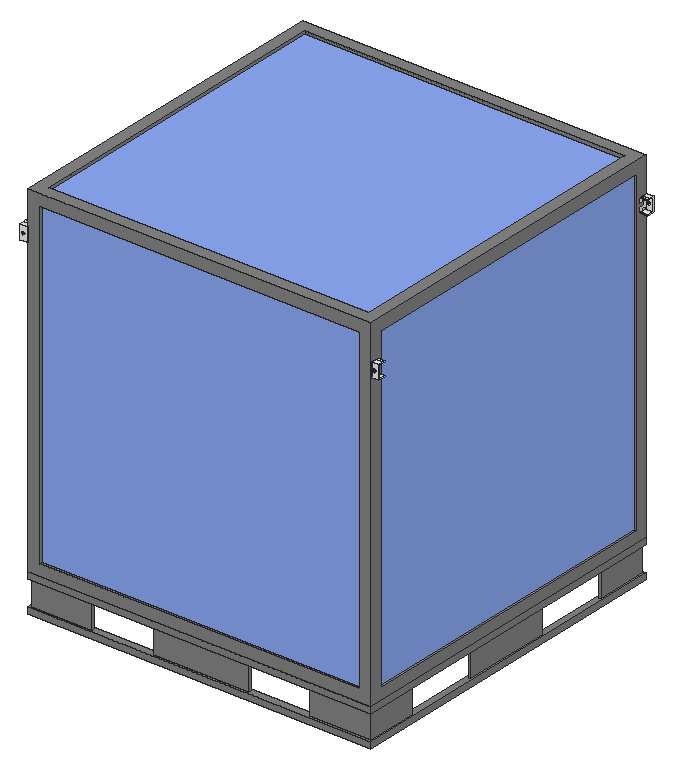
Revit family "15.1 Промежуточная угловая секция ANR Z4", category Оборудование, Revit 2016
Family settings
  Тип детали = Нормальный
  Размер круглого соединителя = Использовать диаметр
  На основе рабочей плоскости = Нет
  Всегда вертикально = Да
  При загрузке вырезать с полостями = Нет
  Общий = Нет
  Точка расчета площади = Нет
Parameters (values of type "ANR 6 Z4")
  Ширина = А - 75 mm  # 1025 mm
  Синий = Синий
  Середина = h + Б1 / 2  # 670 mm
  Д2 = Д - 75 mm  # 1025 mm
  Д1 = Д - 20 mm  # 1080 mm
  Д = 1100 mm
  ножки(да/нет) [instance] = no
  Высота = Б - 75 mm  # 1025 mm
  Б1 = Б - 20 mm  # 1080 mm
  А1 = А - 20 mm  # 1080 mm
  А = 1100 mm
  высота ножек = 120 mm
  Б = 1100 mm
  Частотный преобразователь [instance] = no
  Частота вращения n, об/мин = ""
  Тип, марка, обозначение = "ANR 6 Z4"
  Сила тока J, А = ""
  Регулятор расхода [instance] = no
  Раздел = "ОВ"
  Примечание = ""
  Позиция = ""
  Напряжение U,В = ""
  Наименование и тех.хар-ка = "Секция забора воздуха угловая"  # constant formula
  Мощность двигателя N,Вт = ""
  Материал = Сталь серая
  Масса единицы = ""
  Код, оборудования = ""
  Ключевая пометка = "Вентиляция"
  Задание электрикам [instance] = no
  Задание автоматчикам [instance] = no
  Завод изготовитель = "NED"  # constant formula
  Единица измерения = "шт."  # constant formula
  h = высота ножек + 10 mm  # 130 mm
Types (6, lengths in mm): name | Ширина | Середина | Д2 | Д1 | Д | Высота | Б1 | А1 | А | Б | Тип, марка, обозначение
  ANR 6 Z4 | 1025 | 670 | 1025 | 1080 | 1100 | 1025 | 1080 | 1080 | 1100 | 1100 | "ANR 6 Z4"
  ANR 7 Z4 | 1025 | 780 | 1025 | 1080 | 1100 | 1245 | 1300 | 1080 | 1100 | 1320 | "ANR 7 Z4"
  ANR 8 Z4 | 1245 | 780 | 1245 | 1300 | 1320 | 1245 | 1300 | 1300 | 1320 | 1320 | "ANR 8 Z4"
  ANR 12 Z4 | 1360 | 837.5 | 1360 | 1415 | 1435 | 1360 | 1415 | 1415 | 1435 | 1435 | "ANR 12 Z4"
  ANR 20 Z4 | 1585 | 950 | 1585 | 1640 | 1660 | 1585 | 1640 | 1640 | 1660 | 1660 | "ANR 20 Z4"
  ANR 25 Z4 | 1970 | 1142.5 | 1970 | 2025 | 2045 | 1970 | 2025 | 2025 | 2045 | 2045 | "ANR 25 Z4"
Reference planes
  plane 1 "По центру (Вперед/Назад)": y = 0
  plane 2: z = 0
  plane 3 "По центру (Влево/Вправо)": x = 0
  plane 4: x = -540
  plane 5: x = 540
  plane 6: y = 540
  plane 7: y = -540
  plane 8: z = 1210
  plane 9: z = 130
  plane 10: y = -340
  plane 11: z = 670
  plane 12: z = 1110
  plane 13: x = 590
  plane 14: y = -199.163
  plane 15: y = 340
  plane 16: y = 199.163
  plane 17: y = -142.691
  plane 18: y = 142.691
  plane 19: y = -512.5
  plane 20: x = -512.5
Forms (mm)
  Extrusion 1, solid, material "Синий" <- "Синий", detail levels fine
    sketch origin (0, 0, 50) x (1, 0, 0) y (0, 1, 0)
      loop
        line (-540, 540) -> (-540, -540) -> (540, -540) -> (540, 540) -> (-540, 540)
    from 80 to 1160
  Sweep 2, solid, material "Сталь серая" <- "Материал", detail levels fine
    path origin (540, -540, 50) x (-1, 0, 0) y (0, 0, -1)
      loop
        line (0, -1160) -> (1080, -1160) -> (1080, -80) -> (0, -80) -> (0, -1160)
    profile "Профиль уголок 10х10 : Профиль уголок 10х10" origin (0, -540, 1210) x (0, 0, -1) y (0, -1, 0)
      loop
        line (0, -27.5) -> (0, 0) -> (27.5, 0) -> (27.5, 10) -> (-10, 10) -> (-10, -27.5) -> (0, -27.5)
  Sweep 3, solid, material "Сталь серая" <- "Материал", detail levels fine
    path origin (-540, 540, 50) x (1, 0, 0) y (0, 0, -1)
      loop
        line (0, -1160) -> (1080, -1160) -> (1080, -80) -> (0, -80) -> (0, -1160)
    profile "Профиль уголок 10х10 : Профиль уголок 10х10" origin (0, 540, 1210) x (0, 0, -1) y (0, 1, 0)
      loop
        line (0, -27.5) -> (0, 0) -> (27.5, 0) -> (27.5, 10) -> (-10, 10) -> (-10, -27.5) -> (0, -27.5)
  Sweep 4, solid, material "Сталь серая" <- "Материал", detail levels fine
    path origin (540, 540, 50) x (0, -1, 0) y (0, 0, -1)
      loop
        line (0, -1160) -> (1080, -1160) -> (1080, -80) -> (0, -80) -> (0, -1160)
    profile "Профиль уголок 10х10 : Профиль уголок 10х10" origin (540, 0, 1210) x (0, 0, -1) y (1, 0, 0)
      loop
        line (0, -27.5) -> (0, 0) -> (27.5, 0) -> (27.5, 10) -> (-10, 10) -> (-10, -27.5) -> (0, -27.5)
  Sweep 5, solid, material "Сталь серая" <- "Материал", detail levels fine
    path origin (-540, -540, 50) x (0, 1, 0) y (0, 0, -1)
      loop
        line (0, -1160) -> (1080, -1160) -> (1080, -80) -> (0, -80) -> (0, -1160)
    profile "Профиль уголок 10х10 : Профиль уголок 10х10" origin (-540, 0, 1210) x (0, 0, -1) y (-1, 0, 0)
      loop
        line (0, -27.5) -> (0, 0) -> (27.5, 0) -> (27.5, 10) -> (-10, 10) -> (-10, -27.5) -> (0, -27.5)
  Extrusion 6, void, not visible
    sketch origin (-345, -245, 50) x (0, -1, 0) y (0, 0, -1)
      loop
        line (-477.965, -475) -> (-477.965, -450) -> (-528.913, -450) -> (-528.913, -475) -> (-477.965, -475)
    from -47.452 to 12
  Sweep 7, solid, material "Сталь серая" <- "Материал", detail levels fine
    path origin (0, 0, 0) x (1, 0, 0) y (0, 1, 0)
      loop
        line (-540, 540) -> (-540, -540) -> (540, -540) -> (540, 540) -> (-540, 540)
    profile "Семейство1 : Семейство1" origin (0, 540, 0) x (0, 1, 0) y (0, 0, 1)
      loop
        line (-10, 120) -> (-10, 100) -> (-3.38, 100) -> (-3.38, 20) -> (-10, 20) -> (-10, 0) -> (10, 0) -> (10, 20) -> (3.38, 20) -> (3.38, 100) -> (10, 100) -> (10, 120) -> (-10, 120)
  Extrusion 8, void
    sketch origin (0, 0, 0) x (1, 0, 0) y (0, 0, 1)
      loop
        line (152.369, 100) -> (152.369, 20) -> (348.798, 20) -> (348.798, 100) -> (152.369, 100)
      loop
        line (-152.369, 100) -> (-348.798, 100) -> (-348.798, 20) -> (-152.369, 20) -> (-152.369, 100)
    from -550 to 550
  Extrusion 9, void
    sketch origin (0, -269.582, 0) x (0, 1, 0) y (0, 0, 1)
      loop
        line (-110.418, 100) -> (-110.418, 20) -> (126.89, 20) -> (126.89, 100) -> (-110.418, 100)
    from -1700.55 to 1700
  Extrusion 10, void
    sketch origin (0, 269.582, 0) x (0, -1, 0) y (0, 0, -1)
      loop
        line (-110.418, -100) -> (126.89, -100) -> (126.89, -20) -> (-110.418, -20) -> (-110.418, -100)
    from -1700.55 to 1700
Cuts and joins
  joined: Sweep 2, Sweep 3, Sweep 4, Sweep 5
  Extrusion 8, Extrusion 9, Extrusion 10 cuts Sweep 7
Lines and regions (mm)
  model lines, detail levels coarse
    curve 1: line (-550, 550, 0) -> (550, 550, 0)
    curve 2: line (-550, -550, 0) -> (-550, 550, 0)
    curve 3: line (550, -550, 0) -> (-550, -550, 0)
    curve 4: line (550, 550, 0) -> (550, -550, 0)
  model lines, detail levels medium
    curve 5: line (0, 540, 1210) -> (0, -540, 1210)
    curve 6: line (0, 540, 130) -> (0, 540, 1210)
    curve 7: line (0, -540, 130) -> (0, 540, 130)
    curve 8: line (0, -540, 1210) -> (0, -540, 130)
Dimensions and locks
  equal spacing: plane 6, plane 1 "По центру (Вперед/Назад)", plane 7
  "Д1": plane 6 to plane 7
  equal spacing: plane 4, plane 3 "По центру (Влево/Вправо)", plane 5
  "А1": plane 4 to plane 5
  "h": plane 9 to level
  "Б1": plane 8 to plane 9
  cut or joined group of Sweep 2, Sweep 3, Sweep 4, Sweep 5 to level = 120 mm
  locked: plane 3 "По центру (Влево/Вправо)" to cut or joined group of Sweep 7, Extrusion 8, Extrusion 9, Extrusion 10 at 152.369
  locked: cut or joined group of Sweep 7, Extrusion 8, Extrusion 9, Extrusion 10 to plane 3 "По центру (Влево/Вправо)" at 152.369
  "Середина": plane 11 to level
  locked: plane 8 to plane 12 at 100
  locked: plane 13 to plane 5 at 50
  plane 1 "По центру (Вперед/Назад)" to plane 7 = 540 mm
  plane 6 to plane 1 "По центру (Вперед/Назад)" = 540 mm
  plane 10 to plane 14 to plane 1 "По центру (Вперед/Назад)" = 140.837 mm, 199.163 mm
  plane 15 to plane 16 = 140.837 mm
  equal spacing: plane 17, plane 1 "По центру (Вперед/Назад)", plane 18
  locked: plane 19 to plane 7 at 27.5
  aligned and locked: level to plane 2
  aligned and locked: plane 6 to Extrusion 1
  aligned and locked: Extrusion 1 to plane 5
  aligned and locked: Extrusion 1 to plane 7
  aligned and locked: Extrusion 1 to plane 4
  aligned and locked: plane 8 to Extrusion 1
  aligned and locked: Extrusion 1 to plane 9
  aligned and locked: Sweep 4 sketch curve to Extrusion 1  (x2)
  aligned and locked: Sweep 5 sketch curve to Extrusion 1  (x2)
  aligned and locked: Sweep 7 sketch curve to Extrusion 1  (x4)
  aligned and locked: Sweep 7 to Extrusion 8  (x2)
  aligned and locked: nested 2 to cut or joined group of Sweep 2, Sweep 3, Sweep 4, Sweep 5  (x2)
  aligned and locked: plane 12 to nested 2
  aligned and locked: nested 3 to plane 12
  aligned and locked: cut or joined group of Sweep 2, Sweep 3, Sweep 4, Sweep 5 to nested 3  (x2)
  aligned and locked: cut or joined group of Sweep 2, Sweep 3, Sweep 4, Sweep 5 to nested 2
  aligned and locked: cut or joined group of Sweep 2, Sweep 3, Sweep 4, Sweep 5 to nested 5
  aligned and locked: nested 4 to cut or joined group of Sweep 2, Sweep 3, Sweep 4, Sweep 5
  aligned and locked: plane 12 to nested 5
  aligned and locked: nested 4 to plane 12
  aligned and locked: nested 5 to cut or joined group of Sweep 2, Sweep 3, Sweep 4, Sweep 5
  aligned and locked: cut or joined group of Sweep 2, Sweep 3, Sweep 4, Sweep 5 to nested 4
  aligned and locked: cut or joined group of Sweep 7, Extrusion 8, Extrusion 9, Extrusion 10 to plane 17
  aligned and locked: cut or joined group of Sweep 7, Extrusion 8, Extrusion 9, Extrusion 10 to plane 18
  aligned and locked: curve 1 to cut or joined group of Sweep 7, Extrusion 8, Extrusion 9, Extrusion 10
  aligned and locked: curve 2 to cut or joined group of Sweep 7, Extrusion 8, Extrusion 9, Extrusion 10
  aligned and locked: curve 3 to cut or joined group of Sweep 7, Extrusion 8, Extrusion 9, Extrusion 10
  aligned and locked: curve 4 to cut or joined group of Sweep 2, Sweep 3, Sweep 4, Sweep 5
  aligned and locked: curve 5 to Extrusion 1
  aligned and locked: Extrusion 1 to curve 6
  aligned and locked: curve 7 to cut or joined group of Sweep 2, Sweep 3, Sweep 4, Sweep 5
  aligned and locked: curve 8 to cut or joined group of Sweep 2, Sweep 3, Sweep 4, Sweep 5
Automatic sketch dimensions
  Extrusion 6 sketch curve to Extrusion 6 sketch curve = 50.949 mm
  Extrusion 6 sketch curve to Extrusion 6 sketch curve = 25 mm
  Extrusion 1 sketch curve to plane 4 = 0 mm
  Extrusion 1 sketch curve to plane 5 = 0 mm
  Extrusion 1 sketch curve to plane 7 = 0 mm
  Extrusion 1 sketch curve to plane 6 = 0 mm
  Sweep 2 sketch curve to Extrusion 1 = 0 mm  (x4)
  Sweep 3 sketch curve to Extrusion 1 = 0 mm  (x3)
  Extrusion 1 to Sweep 3 sketch curve = 0 mm
  Sweep 4 sketch curve to Extrusion 1 = 0 mm  (x2)
  Sweep 5 sketch curve to Extrusion 1 = 0 mm  (x2)
  Extrusion 8 sketch curve to plane 9 = 30 mm  (x2)
  plane 4 to Extrusion 8 sketch curve = 191.202 mm
  level to Extrusion 8 sketch curve = 20 mm  (x2)
  Extrusion 8 sketch curve to plane 3 "По центру (Влево/Вправо)" = 152.369 mm
  plane 3 "По центру (Влево/Вправо)" to Extrusion 8 sketch curve = 152.369 mm
  Extrusion 8 sketch curve to plane 5 = 191.202 mm
  level to Extrusion 9 sketch curve = 20 mm
  Extrusion 9 sketch curve to plane 10 = 40 mm
  plane 14 to Extrusion 9 sketch curve = 56.472 mm
  Extrusion 9 sketch curve to plane 9 = 30 mm
  Extrusion 10 sketch curve to level = 20 mm
  plane 15 to Extrusion 10 sketch curve = 40 mm
  Extrusion 10 sketch curve to plane 16 = 56.472 mm
  plane 9 to Extrusion 10 sketch curve = 30 mm
Nested families
  nested 1: "крепление 15мм" at (-330, 229.965, 495), type "крепление 15мм", not visible
  nested 2: "крепеж" at (574.5, -550, 1065.175) x (-1, 0, 0) z (0, 0, 1), type "крепеж", detail levels fine
  nested 3: "крепеж" at (574.5, 550, 1065.175) x (-1, 0, 0) z (0, 0, 1), type "крепеж", detail levels fine
  nested 4: "крепеж" at (-574.5, -550, 1065.175), type "крепеж", detail levels fine
  nested 5: "крепеж" at (-574.5, 550, 1065.175), type "крепеж", detail levels fine
Connectors
  hvac at (0, 550, 670), driven by "Высота", driven by "Ширина"
    settings: on cut or joined group of Sweep 2, Sweep 3, Sweep 4, Sweep 5, index 2, duct flow 0.0 L/s, flow factor 0, pres drop 0.0 Pa, loss coef 0, conn angle 0.00°, conn width 1025 mm, conn height 1025 mm, conn diameter 609.6 mm, duct sys type 28, conn prof type 1, flow config 0, flow direction 0, loss method 0, conn ref index 4, conn util no, is conn primary yes, conn desc ""
  hvac at (0, 0, 1220), driven by "Ширина", driven by "Д2"
    settings: on cut or joined group of Sweep 2, Sweep 3, Sweep 4, Sweep 5, index 3, duct flow 0.0 L/s, flow factor 0, pres drop 0.0 Pa, loss coef 0, conn angle 0.00°, conn width 1025 mm, conn height 1025 mm, conn diameter 609.6 mm, duct sys type 28, conn prof type 1, flow config 0, flow direction 0, loss method 0, conn ref index -1, conn util no, is conn primary no, conn desc ""
  hvac at (550, 0, 670), driven by "Высота", driven by "Ширина"
    settings: on cut or joined group of Sweep 2, Sweep 3, Sweep 4, Sweep 5, index 4, duct flow 0.0 L/s, flow factor 0, pres drop 0.0 Pa, loss coef 0, conn angle 0.00°, conn width 1025 mm, conn height 1025 mm, conn diameter 609.6 mm, duct sys type 28, conn prof type 1, flow config 0, flow direction 0, loss method 0, conn ref index 2, conn util no, is conn primary no, conn desc ""
Definition of nested family "крепление 15мм"
  Parameters (values of type "крепление 15мм")
    Материал крепления = none
  Reference planes
    plane 1 "По центру (Вперед/Назад)": y = 0
    plane 2: z = 0
    plane 3 "По центру (Влево/Вправо)": x = 0
  Forms (mm)
    Extrusion 1, solid, material <- "Материал крепления"
      sketch origin (0, 0, 0) x (1, 0, 0) y (0, 1, 0)
        loop
          line (-25, 0) -> (0, 0) -> (0, 18.31) -> (0, 25) -> (-3, 25) -> (-3, 3) -> (-25, 3) -> (-25, 0)
      from 0 to 30
    Extrusion 2, void
      sketch origin (0, 0, 0) x (1, 0, 0) y (0, 1, 0)
        loop
          line (-3, 3) -> (-3, 54.96) -> (-58, 54.96) -> (-58, 3) -> (-3, 3)
      from 0 to 15
  Cuts and joins
    Extrusion 2 cuts Extrusion 1
  Dimensions and locks
    Extrusion 1 sketch curve to Extrusion 1 sketch curve = 3 mm  (x2)
    Extrusion 1 sketch curve to Extrusion 1 sketch curve to plane 3 "По центру (Влево/Вправо)" = 25 mm, 0 mm
    Extrusion 1 sketch curve to Extrusion 1 sketch curve = 25 mm
    aligned and locked: level to plane 2
Definition of nested family "крепеж"
  Parameters (values of type "крепеж")
    Материал крепежа = none
  Reference planes
    plane 1 "По центру (Вперед/Назад)": y = 0
    plane 2: z = 0
    plane 3 "По центру (Влево/Вправо)": x = 0
    plane 4: x = 24.5
    plane 5: z = 22.413
  Forms (mm)
    Extrusion 1, solid, material <- "Материал крепежа"
      sketch origin (0, 0, 0) x (0, 1, 0) y (0, 0, 1)
        loop
          line (0, 44.825) -> (-16.343, 44.825) -> (-24.468, 44.825) -> (-24.468, 42.95) -> (-1.968, 42.95) -> (-1.968, 1.657) -> (-24.468, 1.657) -> (-24.468, 0) -> (-16.343, 0) -> (0, 0) -> (0, 44.825)
      from 0 to 24.5
    Extrusion 2, void
      sketch origin (0.625, 0, -0.625) x (1, 0, 0) y (0, 0, 1)
        loop
          circle (11.121, 22.873) r 5
      from 0 to 250
    Extrusion 3, solid, material <- "Материал крепежа"
      sketch origin (0, 0, 0.175) x (1, 0, 0) y (0, 0, 1)
        loop
          line (24.5, 44.651) -> (22.651, 44.651) -> (22.651, -0.175) -> (24.5, -0.175) -> (24.5, 44.651)
      from 0 to 24.468
    Extrusion 4, void
      sketch origin (0, 0, 0) x (0, 1, 0) y (0, 0, 1)
        loop
          line (-24.468, 28.943) -> (-24.468, 15.882) -> (-9.468, 15.882) -> (-9.468, 28.943) -> (-24.468, 28.943)
      from 0 to 250
    Blend 5, solid
      base sketch origin (0, 0, 0) x (0, 1, 0) y (0, 0, 1)
        loop
          circle (-15.104, 36.823) r 4.161
      top sketch origin (0, 0, 0) x (0, 1, 0) y (0, 0, 1)
        loop
          circle (-15.104, 36.823) r 2.994
      from 22.651 to 19.241
    Blend 6, solid
      base sketch origin (0, 0, 44.825) x (0, 1, 0) y (0, 0, 1)
        loop
          circle (-15.104, -36.823) r 4.161
      top sketch origin (0, 0, 44.825) x (0, 1, 0) y (0, 0, 1)
        loop
          circle (-15.104, -36.823) r 2.994
      from 22.651 to 19.241
  Cuts and joins
    Extrusion 2, Extrusion 4 cuts Extrusion 1
    Extrusion 4 cuts Extrusion 3
    joined: Extrusion 1, Extrusion 3
  Dimensions and locks
    plane 3 "По центру (Влево/Вправо)" to plane 4 = 24.5 mm
    equal spacing: cut or joined group of Extrusion 1, Extrusion 2, Extrusion 3, Extrusion 4, plane 5, cut or joined group of Extrusion 1, Extrusion 2, Extrusion 3, Extrusion 4
    equal spacing: Extrusion 4 sketch curve, plane 5, Extrusion 4 sketch curve
    aligned and locked: level to plane 2
    aligned and locked: plane 4 to Extrusion 1
    aligned and locked: cut or joined group of Extrusion 1, Extrusion 2, Extrusion 3, Extrusion 4 to cut or joined group of Extrusion 1, Extrusion 2, Extrusion 3, Extrusion 4  (x3)
    aligned and locked: cut or joined group of Extrusion 1, Extrusion 2, Extrusion 3, Extrusion 4 to Blend 5
  Automatic sketch dimensions
    Extrusion 1 sketch curve to level = 0 mm
    Extrusion 1 sketch curve to plane 1 "По центру (Вперед/Назад)" = 0 mm
    plane 1 "По центру (Вперед/Назад)" to Extrusion 1 sketch curve = 1.968 mm
    Extrusion 1 sketch curve to Extrusion 1 sketch curve = 14.375 mm  (x2)
    level to Extrusion 1 sketch curve = 1.657 mm
    Extrusion 1 sketch curve to Extrusion 1 sketch curve = 8.125 mm  (x2)
    plane 5 to Extrusion 1 sketch curve = 20.538 mm
    Extrusion 1 sketch curve to Extrusion 1 sketch curve = 1.875 mm
    Extrusion 2 sketch curve to plane 5 = 0.165 mm
    plane 3 "По центру (Влево/Вправо)" to Extrusion 2 sketch curve = 11.746 mm
    Extrusion 3 sketch curve to level = 0 mm
    Extrusion 3 sketch curve to plane 4 = 0 mm
    Extrusion 3 sketch curve to Extrusion 3 sketch curve = 1.849 mm
    plane 5 to Extrusion 3 sketch curve = 22.413 mm
    Extrusion 4 sketch curve to plane 5 = 6.531 mm
    plane 1 "По центру (Вперед/Назад)" to Extrusion 4 sketch curve = 24.468 mm
    plane 1 "По центру (Вперед/Назад)" to Extrusion 4 sketch curve = 9.468 mm
    plane 1 "По центру (Вперед/Назад)" to Blend 5 sketch curve = 15.104 mm  (x2)
    plane 5 to Blend 5 sketch curve = 14.41 mm  (x2)
    Blend 6 sketch curve to plane 1 "По центру (Вперед/Назад)" = 15.104 mm  (x2)
    Blend 6 sketch curve to level = 8.002 mm  (x2)
    radius of Extrusion 2 sketch curve = 5 mm
    radius of Blend 5 sketch curve = 4.161 mm
    radius of Blend 5 sketch curve = 2.994 mm
    radius of Blend 6 sketch curve = 4.161 mm
    radius of Blend 6 sketch curve = 2.994 mm
